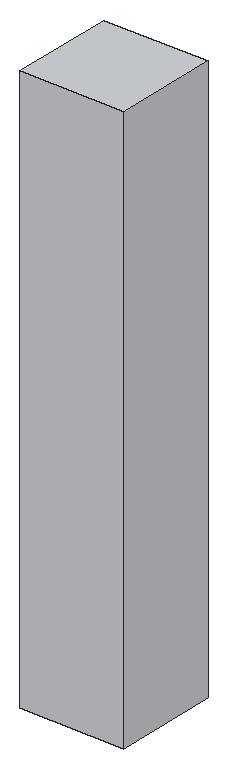
Revit family "Architectural_Rectangular", category Columns, Revit 2024
Family settings
  Cut with Voids When Loaded = No
  Automatically joins geometry to walls = No
  Shared = No
  Show family pre-cut in plan views = No
Parameters (values of type "500 x 500")
  EA_Repath [instance] = 0 mm
  Assembly Code = "B1010200"
  Depth = 500 mm
  Material = none
  Offset Base = 0 mm
  Offset Top = 0 mm
  Width = 500 mm
Types (4, lengths in mm): name | Depth | Width
  600 x 600 | 600 | 600
  450 x 600 | 450 | 600
  450 x 450 | 450 | 450
  500 x 500 | 500 | 500
Reference planes
  plane 1: y = 0
  plane 2: z = 0
  plane 3: x = 0
  plane 4: z = 2743.2
  plane 5: z = 0
Forms (mm)
  Extrusion 1, solid, material <- "Material"
    sketch origin (0, 0, 0) x (1, 0, 0) y (0, 1, 0)
      loop
        line (-250, 250) -> (-250, -250) -> (250, -250) -> (250, 250) -> (-250, 250)
    from 0 to 2743.2
Dimensions and locks
  "Offset Base": plane 5 to level
  "Offset Top": level to plane 4
  equal spacing: Extrusion 1 sketch curve, plane 3, Extrusion 1 sketch curve
  equal spacing: Extrusion 1 sketch curve, plane 1, Extrusion 1 sketch curve
  "Width": Extrusion 1 sketch curve to Extrusion 1 sketch curve
  "Depth": Extrusion 1 sketch curve to Extrusion 1 sketch curve
  aligned and locked: Extrusion 1 to plane 5
  aligned and locked: plane 4 to Extrusion 1
